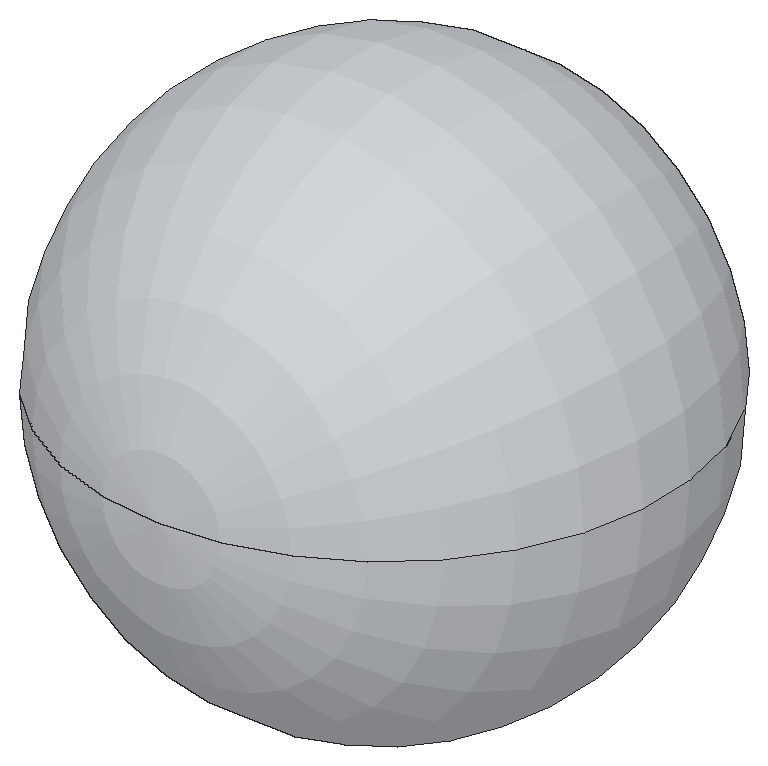
Revit family "Point", category Generic Models, Revit 2025
Family settings
  Can host rebar = No
  Round Connector Dimension = Use Diameter
  Part Type = Normal
  Work Plane-Based = No
  Always vertical = Yes
  Cut with Voids When Loaded = No
  Maintain Annotation Orientation = No
  Shared = No
  Room Calculation Point = No
Parameters
  Radius = 50 mm
  Default Elevation = 0 mm
Reference planes
  plane 1 "Centro (Fronte/Retro)": y = 0
  plane 2: z = 0
  plane 3 "Centro (Sinistra/Destra)": x = 0
  plane 4: x = 1000
Forms (mm)
  Revolve 1, solid
    sketch origin (0, 0, 0) x (1, 0, 0) y (0, 1, 0)
      loop
        line (0, 50) -> (0, -50)
        arc (0, -50) -> (50, 0) -> (0, 50) r 50
      axis (0, 50) -> (0, -50)
    angle from 0 to 360
Dimensions and locks
  "Radius": radius of Revolve 1 sketch curve
  aligned and locked: level to plane 2
Automatic sketch dimensions
  Revolve 1 sketch curve to plane 3 "Centro (Sinistra/Destra)" = 0 mm  (x2)
  plane 1 "Centro (Fronte/Retro)" to Revolve 1 sketch curve = 0 mm
  Revolve 1 sketch curve to Revolve 1 sketch curve = 0 mm  (x2)
